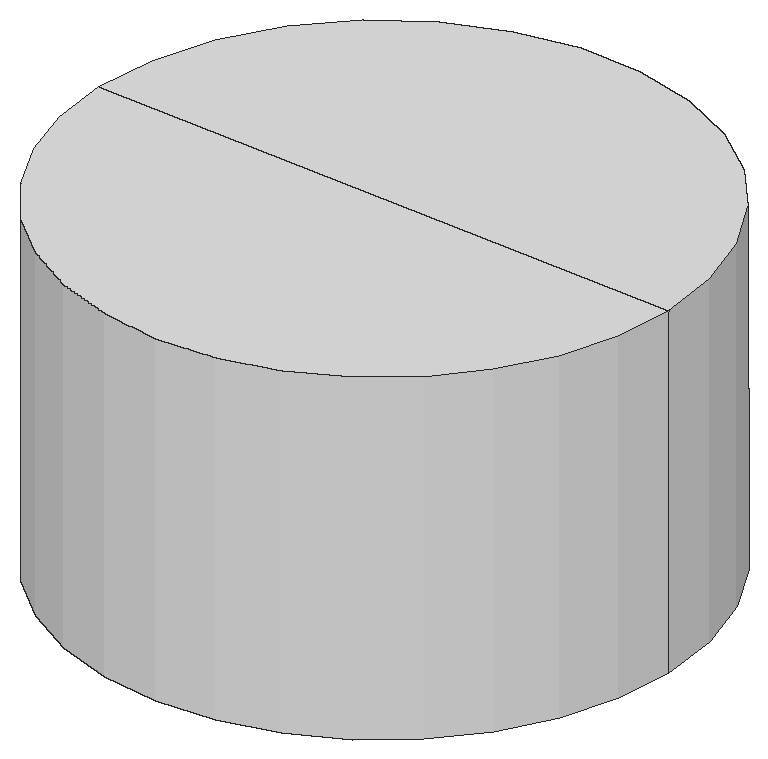
Revit family "CWST-WW-S6 ENScape optisk signalgiver hvit_Tak", category Fire Alarm Devices, Revit 2016
Family settings
  Maintain Annotation Orientation = Yes
  Part Type = Normal
  Round Connector Dimension = Use Diameter
  OmniClass Number = 23.85.30.21.11.17
  OmniClass Title = Other Components
  Work Plane-Based = No
  Always vertical = No
  Cut with Voids When Loaded = No
  Shared = No
  Room Calculation Point = No
Parameters (values of type "Optisk signalgiver")
  Type Comments = "-XH"
  Reference Line Out [instance] = 10.00 mm
  NS8360 = "5423_XN2"
  Manufacturer = "Honeywell"
  Keynote = "XN2"
  CQ Symbol Positive Direction [instance] = yes
  CQ Symbol Offset Side [instance] = 0.00 mm
  CQ Symbol Offset Out [instance] = 0.00 mm
  CQ Material = Plastic - White
  CQ Length B = 72.00 mm
  CQ Length A = 100.00 mm
  Assembly Code = "5423"
Reference planes
  plane 1 "Center (Front/Back)": y = 0
  plane 2: z = 0
  plane 3 "Center (Left/Right)": x = 0
  plane 4: x = -50
  plane 5: x = 50
  plane 6: z = -72
  plane 7: z = -57
Forms (mm)
  Revolve 1, solid, material "Plastic - White" <- "CQ Material"
    sketch origin (0, 0, 0) x (1, 0, 0) y (0, 0, 1)
      loop
        line (0, 0) -> (0, -72) -> (1, -72)
        arc (1, -72) -> (19.979, -68.091) -> (35.868, -57) r 48.025
        line (35.868, -57) -> (50, -57) -> (50, 0) -> (0, 0)
      axis (0, 0) -> (0, -72)
    angle from 0 to 360
Lines and regions (mm)
  model lines, style "InvisibleLines"
    curve 1: line (0, 0, 0) -> (0, -43, 0)
    curve 2: line (0, 0, 0) -> (0, 0, 10)
Dimensions and locks
  equal spacing: plane 5, plane 3 "Center (Left/Right)", plane 4
  "CQ Length A": plane 5 to plane 4
  "CQ Length B": plane 6 to plane 2
  "Reference Line Out": curve 2 to level
  locked: plane 7 to plane 6 at 15
  aligned and locked: level to plane 2
  aligned and locked: curve 1 to plane 2
  aligned and locked: plane 5 to Revolve 1 sketch curve
  aligned and locked: plane 2 to Revolve 1 sketch curve
  aligned and locked: plane 3 "Center (Left/Right)" to nested 1
  aligned and locked: plane 1 "Center (Front/Back)" to nested 1
  aligned and locked: plane 2 to curve 2
  aligned and locked: plane 3 "Center (Left/Right)" to curve 2
  aligned and locked: plane 7 to Revolve 1 sketch curve
  aligned and locked: Revolve 1 sketch curve to plane 7
  aligned and locked: Revolve 1 sketch curve to plane 6
Automatic sketch dimensions
  curve 1 to plane 3 "Center (Left/Right)" = 0.00 mm
  plane 1 "Center (Front/Back)" to curve 1 = 0.00 mm
  plane 1 "Center (Front/Back)" to curve 1 = 43.00 mm
  Revolve 1 sketch curve to plane 3 "Center (Left/Right)" = 0.00 mm  (x2)
  Revolve 1 sketch curve to plane 6 = 0.00 mm
  plane 3 "Center (Left/Right)" to Revolve 1 sketch curve = 1.00 mm
  Revolve 1 sketch curve to level = 23.975 mm
  level to Revolve 1 sketch curve = 2000.00 mm
Nested families
  nested 1: "Optisk alarmapparat" at (0, 0, 0), type "Type 1"
Connectors
  electrical at (0, 0, 0)
    settings: on Revolve 1, index 1, voltage 0 V, apparent load 0 VA, apparent load phase1 0 VA, apparent load phase2 0 VA, apparent load phase3 0 VA, power factor 1, load classification "Other", number of poles 1, system type 11, power factor state 1, is connector primary yes, connector utility no, sub classification motor no, connector description ""
Definition of nested family "Optisk alarmapparat"
  Parameters
    CQ Symbol Positive Direction = yes
    CQ Symbol Negative Direction = not(CQ Symbol Positive Direction)  # no
    CQ Symbol Offset Side = 0.00 mm
    CQ Symbol Offset Out = 0.00 mm
  Reference planes
    plane 1: y = 0
    plane 2: x = 0
  Dimensions and locks
    "CQ Symbol Offset Out": plane 1 to nested 2
    "CQ Symbol Offset Out": plane 1 to nested 1
    "CQ Symbol Offset Side": plane 2 to nested 1
    "CQ Symbol Offset Side": nested 2 to plane 2
  Nested families
    nested 1: "Optisk AlarmapparatSub" at (0, 0, 0), visible <- "CQ Symbol Positive Direction", type "Type 1"
    nested 2: "Optisk AlarmapparatSub" at (0, 0, 0), visible <- "CQ Symbol Negative Direction", type "Type 1"
  Definition of nested family "Optisk AlarmapparatSub"
    Reference planes
      plane 1: y = 0
      plane 2: x = 0
    Lines and regions (mm)
      detail lines
        curve 1: circle (0, 0, 0) r 2.5 normal (0, 0, 1)
        curve 2: line (-1.768, 1.768, 0) -> (1.768, -1.768, 0)
        curve 3: line (-1.768, -1.768, 0) -> (1.768, 1.768, 0)
        curve 4: line (-0.001, 3, 0) -> (4.748, 3, 0)
    Text (mm)
      text "PL" at (1.733, 4.587, 0)
